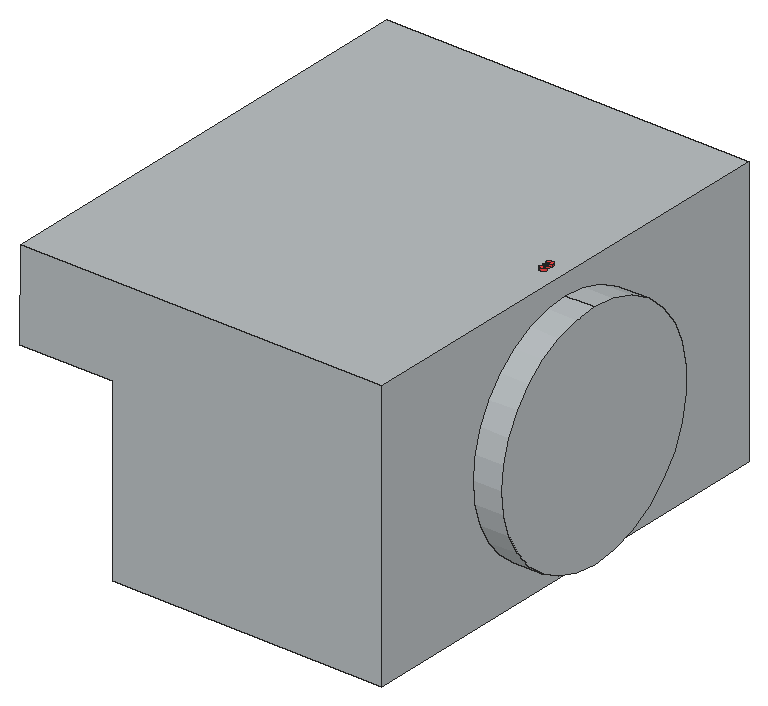
Revit family "NLRS_57_DUA_UN_plenum_for_return_wall_grill_wro_LT_Solid_Air", category Duct Accessories, Revit 2021
Family settings
  Round Connector Dimension = Use Diameter
  Part Type = Attaches To
  Work Plane-Based = No
  Always vertical = Yes
  Cut with Voids When Loaded = No
  Shared = No
Parameters (values of type "WROO")
  built-in parameter 1114242 [instance] = 1 = 0  # (empty or 0)
  URL = "https://solid-air.nl/producten/wto-wro/"
  SACS_Type_Mark [instance] = ""
  SACS_Real_Width [instance] = SACS_Duct_Width - 3 mm  # 622 mm
  SACS_Real_Height [instance] = SACS_Duct_Height - 3 mm  # 122 mm
  SACS_Price_Width [instance] = if(SACS_Duct_Width > 1025 mm, 1225 mm, if(SACS_Duct_Width > 825 mm, 1025 mm, if(SACS_Duct_Width > 625 mm, 825 mm, if(SACS_Duct_Width > 525 mm, 625 mm, if(SACS_Duct_Width > 425 mm, 525 mm, if(SACS_Duct_Width > 325 mm, 425 mm, if(SACS_Duct_Width > 225 mm, 325 mm, if(SACS_Price_Height = 325 mm, 325 mm, 225 mm))))))))  # 625 mm
  SACS_Price_Height [instance] = if(SACS_Duct_Height > 225 mm, 325 mm, if(SACS_Duct_Height > 125 mm, 225 mm, if(SACS_Duct_Height > 85 mm, 125 mm, if(SACS_Duct_Height > 75 mm, 85 mm, 75 mm))))  # 125 mm
  SACS_Option_2 [instance] = if([Plenum type (0-1)] < 1, "Not insulated", "Insulated")  # "Not insulated"
  SACS_Option_1_Value [instance] = if(or([Connection side (0-2)] < 1, SACS_Array_Count > 1), 0, if([Connection side (0-2)] > 1, 2, [Connection side (0-2)]))  # 0
  SACS_Option_1 [instance] = if(SACS_Option_1_Value = 0, "Back", if(SACS_Option_1_Value = 1, "Right", "Left"))  # "Back"
  SACS_Offset3 [instance] = if(SACS_Array_Count = 2, SACS_Offset2, 0 mm)  # 0 mm
  SACS_Offset2 [instance] = if(SACS_Array_Count = 3, SACS_Duct_Width / 3, if(SACS_Array_Count = 2, SACS_Duct_Width / 4, 0 mm))  # 0 mm
  SACS_Offset1 [instance] = if(SACS_Option_1_Value = 0, SACS_Length_X / 2, SACS_Duct_Width / 2)  # 182.5 mm
  SACS_Model [instance] = size_lookup(SACS_Data_Hidden, "", "WTO special", SACS_Duct_Width, SACS_Duct_Height, SACS_Index1, SACS_Index2)  # "WROOAU 625x125 D=315"
  SACS_Length_X [instance] = size_lookup(SACS_Data_Hidden, "C", 125 mm, SACS_Price_Width, SACS_Price_Height)  # 365 mm
  SACS_Index2 [instance] = if([Plenum type (0-1)] < 1, 0 mm, 1 mm)  # 0 mm
  SACS_Index1 [instance] = SACS_Option_1_Value * 1 mm  # 0 mm
  SACS_Height2 [instance] = size_lookup(SACS_Data_Hidden, "K", 125 mm, SACS_Price_Width, SACS_Price_Height)  # 365 mm
  SACS_Dummy = 1  # constant formula
  SACS_Duct_Width [instance] = if(NLRS_M_c01_breedte < 225 mm, 225 mm, if(NLRS_M_c01_breedte > 1225 mm, 1225 mm, NLRS_M_c01_breedte))  # 625 mm
  SACS_Duct_Height [instance] = if(NLRS_M_c01_hoogte < 75 mm, 75 mm, if(NLRS_M_c01_hoogte > 325 mm, 325 mm, NLRS_M_c01_hoogte))  # 125 mm
  SACS_Diameter [instance] = NLRS_M_c02_diameter - 2 mm  # 313 mm
  SACS_Data_Hidden = "WRO"  # constant formula
  SACS_Article_Code [instance] = size_lookup(SACS_Data_Hidden, "Artikelcode", "NB", SACS_Duct_Width, SACS_Duct_Height, SACS_Index1, SACS_Index2)  # "8301001025"
  SACS_Array_Count [instance] = size_lookup(SACS_Data_Hidden, "Count", 1, SACS_Price_Width, SACS_Price_Height)  # 1
  SACS_Angle1 [instance] = if(SACS_Option_1_Value = 0, 90.00°, if(SACS_Option_1_Value = 1, 180.00°, 0.00°))  # 90.00°
  SACS_Air_Flow2 [instance] = SACS_Air_Flow / SACS_Array_Count  # 0.0 L/s
  SACS_Air_Flow [instance] = 0.0 L/s
  Plenum type (0-1) [instance] = 0
  NLRS_M_c02_diameter [instance] = size_lookup(SACS_Data_Hidden, "D", 125 mm, SACS_Price_Width, SACS_Price_Height)  # 315 mm
  NLRS_M_c01_hoogte [instance] = 125 mm
  NLRS_M_c01_debiet [instance] = SACS_Air_Flow * SACS_Dummy  # 0.0 L/s
  NLRS_M_c01_breedte [instance] = 625 mm
  NLRS_C_model [instance] = SACS_Model  # "WROOAU 625x125 D=315"
  NLRS_C_lengte [instance] = size_lookup(SACS_Data_Hidden, "L", 200 mm, SACS_Price_Width, SACS_Price_Height)  # 490 mm
  NLRS_C_description = Description  # "WRO, plenum for wall grill"
  NLRS_C_content_versie = "3.21.01"  # constant formula
  NLRS_C_content_provider = "Solid Air Climate Solutions"  # constant formula
  NLRS_C_content_datum_gewijzigd = "02-12-2024"  # constant formula
  NLRS_C_content_creator = "J.Feeke"  # constant formula
  Model = "WRO, plenum for wall grill"  # constant formula
  Manufacturer = "Solid Air Climate Solutions"  # constant formula
  Description = "WRO, plenum for wall grill"  # constant formula
  Default Elevation = 0 mm
  Connection side (0-2) [instance] = 0
  Assembly Code = "57.00"
Reference planes
  plane 1 "Center (Front/Back)": y = 0
  plane 2: z = 0
  plane 3 "Center (Left/Right)": x = 10
  plane 4 "Top": z = 61
  plane 5: z = -61
  plane 6: x = 500
  plane 7 "Bottom": z = -304
  plane 8: y = 311
  plane 9: y = -311
  plane 10: x = 135
  plane 11 "Center_c02": z = -121.5
  plane 12: x = 317.5
Forms (mm)
  Extrusion 1, solid, material "NLRS_57_sendzimir verzinkt_gen_sacs"
    sketch origin (0, 0, 0) x (1, 0, 0) y (0, 0, 1)
      loop
        line (500, -304) -> (500, 61) -> (10, 61) -> (10, -61) -> (135, -61) -> (135, -304) -> (500, -304)
    from -311 to 311
  Extrusion 2, solid, material "NLRS_57_sendzimir verzinkt_gen_sacs"
    sketch origin (500, 0, -121.5) x (0, 0, 1) y (0, -1, 0)
      loop
        circle (0, 0) r 156.5
    from 0 to 40
  Extrusion 3, solid, material "NLRS_57_sendzimir verzinkt_gen_sacs"
    sketch origin (500, 0, -121.5) x (0, 0, 1) y (0, -1, 0)
      loop
        circle (0, 0) r 156.5
    from 0 to 40
  Extrusion 4, solid, material "NLRS_57_sendzimir verzinkt_gen_sacs"
    sketch origin (500, 0, -121.5) x (0, 0, 1) y (0, -1, 0)
      loop
        circle (0, 0) r 156.5
    from 0 to 40
Lines and regions (mm)
  reference lines
    curve 1: line (317.5, 0, -121.5) -> (500, 0, -121.5)
    curve 2: line (317.5, 0, -121.5) -> (500, 0, -121.5)
    curve 3: line (317.5, 0, -121.5) -> (500, 0, -121.5)
Dimensions and locks
  equal spacing: plane 4 "Top", level, plane 5
  "SACS_Real_Height": plane 4 "Top" to plane 5
  "SACS_Height2": plane 4 "Top" to plane 7 "Bottom"
  equal spacing: plane 8, plane 1 "Center (Front/Back)", plane 9
  "SACS_Real_Width": plane 8 to plane 9
  "SACS_Length_X": plane 6 to plane 10
  "NLRS_C_lengte": plane 6 to plane 3 "Center (Left/Right)"
  equal spacing: plane 4 "Top", plane 11 "Center_c02", plane 7 "Bottom"
  equal spacing: plane 6, plane 12, plane 10
  locked: Extrusion 2 sketch curve to curve 1
  "SACS_Offset1": curve 1 to curve 1
  plane 10 to plane 3 "Center (Left/Right)" = 125 mm
  locked: Extrusion 3 sketch curve to curve 2
  locked: Extrusion 4 sketch curve to curve 3
  locked: plane 12 to curve 3
  "SACS_Offset3": plane 1 "Center (Front/Back)" to curve 3
  locked: plane 12 to curve 2
  locked: plane 12 to curve 1
  "SACS_Offset2": curve 1 to plane 1 "Center (Front/Back)"
  "SACS_Offset2": plane 1 "Center (Front/Back)" to curve 2
  "SACS_Offset1": curve 3 to curve 3
  "SACS_Offset1": curve 2 to curve 2
  locked: nested 1 to plane 6 at 25
  locked: nested 2 to plane 6 at 25
  "SACS_Diameter": diameter of Extrusion 2 sketch curve
  "SACS_Diameter": diameter of Extrusion 3 sketch curve
  "SACS_Diameter": diameter of Extrusion 4 sketch curve
  "SACS_Angle1": angle plane 12 to curve 1
  "SACS_Angle1": angle plane 12 to curve 3
  "SACS_Angle1": angle plane 12 to curve 2
  aligned and locked: level to plane 2
  aligned and locked: plane 8 to Extrusion 1
  aligned and locked: Extrusion 1 to plane 9
  aligned and locked: Extrusion 1 sketch curve to plane 6
  aligned and locked: plane 7 "Bottom" to Extrusion 1 sketch curve
  aligned and locked: Extrusion 1 sketch curve to plane 4 "Top"
  aligned and locked: plane 5 to Extrusion 1 sketch curve
  aligned and locked: plane 10 to Extrusion 1 sketch curve
  aligned and locked: plane 3 "Center (Left/Right)" to Extrusion 1 sketch curve
  aligned and locked: nested 1 to plane 1 "Center (Front/Back)"
  aligned and locked: nested 2 to plane 1 "Center (Front/Back)"
Nested families
  nested 1: "logo_single" at (475, 0, 61) x (0, 1, 0) z (0, 0, 1), type "logo_single"
  nested 2: "logo_single" at (475, 0, -306) x (0, 1, 0) z (0, 0, 1), type "logo_single"
Connectors
  hvac at (10, 0, 0), driven by "NLRS_M_c01_hoogte", driven by "NLRS_M_c01_breedte", driven by "SACS_Air_Flow"
    settings: on Extrusion 1, index 1, duct flow 0.0 L/s, flow factor 0, pres drop 0.0 Pa, loss coef 0, conn angle 0.00°, conn width 625 mm, conn height 125 mm, conn diameter 609.6 mm, duct sys type 2, conn prof type 1, flow config 0, flow direction 1, loss method 0, conn ref index 3, conn util no, is conn primary yes, conn desc ""
  hvac at (500, 0, -121.5), driven by "NLRS_M_c02_diameter", driven by "SACS_Air_Flow2"
    settings: on Extrusion 2, index 2, duct flow 0.0 L/s, flow factor 0, pres drop 0.0 Pa, loss coef 0, conn angle 0.00°, conn width 304.8 mm, conn height 304.8 mm, conn diameter 315 mm, duct sys type 2, conn prof type 0, flow config 1, flow direction 2, loss method 0, conn ref index -1, conn util no, is conn primary no, conn desc ""
  hvac at (500, 0, -121.5), driven by "NLRS_M_c02_diameter", driven by "SACS_Air_Flow2"
    settings: on Extrusion 4, index 3, duct flow 0.0 L/s, flow factor 0, pres drop 0.0 Pa, loss coef 0, conn angle 0.00°, conn width 304.8 mm, conn height 304.8 mm, conn diameter 315 mm, duct sys type 2, conn prof type 0, flow config 1, flow direction 2, loss method 0, conn ref index 1, conn util no, is conn primary no, conn desc ""
  hvac at (500, 0, -121.5), driven by "NLRS_M_c02_diameter", driven by "SACS_Air_Flow2"
    settings: on Extrusion 3, index 4, duct flow 0.0 L/s, flow factor 0, pres drop 0.0 Pa, loss coef 0, conn angle 0.00°, conn width 304.8 mm, conn height 304.8 mm, conn diameter 315 mm, duct sys type 2, conn prof type 0, flow config 1, flow direction 2, loss method 0, conn ref index -1, conn util no, is conn primary no, conn desc ""
Definition of nested family "logo_single"
  Parameters (values of type "logo_single")
    t = 5 mm
    Model = "LOD 400"
    Description = "Model type"
    Default Elevation = 1219.2 mm
  Reference planes
    plane 1 "Center (Front/Back)": y = 0
    plane 2: z = 0
    plane 3 "Center (Left/Right)": x = 0
    plane 4: z = 2
    plane 5: x = -10
    plane 6: y = -5
    plane 7: y = 5
    plane 8: x = -5
    plane 9: x = 5
    plane 10: x = 10
  Forms (mm)
    Extrusion 1, solid
      sketch origin (-547.644, -297.937, 0) x (1, 0, 0) y (0, 1, 0)
        loop
          arc (542.644, 302.937) -> (537.644, 297.937) -> (542.644, 292.937) r 5
          line (542.644, 292.937) -> (542.644, 297.937) -> (547.644, 292.937) -> (547.644, 297.937) -> (542.644, 302.937)
      from 0 to 2
    Extrusion 2, solid
      sketch origin (0, 0, 0) x (1, 0, 0) y (0, 1, 0)
        loop
          arc (5, -5) -> (10, 0) -> (5, 5) r 5
          line (5, 5) -> (5, 0) -> (0, 5) -> (0, 0) -> (5, -5)
      from 0 to 2
  Dimensions and locks
    "t": plane 7 to plane 1 "Center (Front/Back)"
    "t": plane 6 to plane 1 "Center (Front/Back)"
    "t": plane 5 to plane 8
    "t": plane 8 to plane 3 "Center (Left/Right)"
    "t": plane 3 "Center (Left/Right)" to plane 9
    "t": plane 9 to plane 10
    aligned and locked: level to plane 2
    aligned and locked: plane 4 to Extrusion 1
  Automatic sketch dimensions
    plane 1 "Center (Front/Back)" to Extrusion 1 sketch curve = 0 mm  (x3)
    Extrusion 1 sketch curve to plane 8 = 0 mm
    Extrusion 1 sketch curve to plane 7 = 0 mm
    Extrusion 1 sketch curve to plane 3 "Center (Left/Right)" = 0 mm
    Extrusion 1 sketch curve to plane 6 = 0 mm
    Extrusion 2 sketch curve to plane 3 "Center (Left/Right)" = 0 mm
    plane 1 "Center (Front/Back)" to Extrusion 2 sketch curve = 0 mm  (x3)
    Extrusion 2 sketch curve to plane 6 = 0 mm
    Extrusion 2 sketch curve to plane 9 = 0 mm
    Extrusion 2 sketch curve to plane 7 = 0 mm
